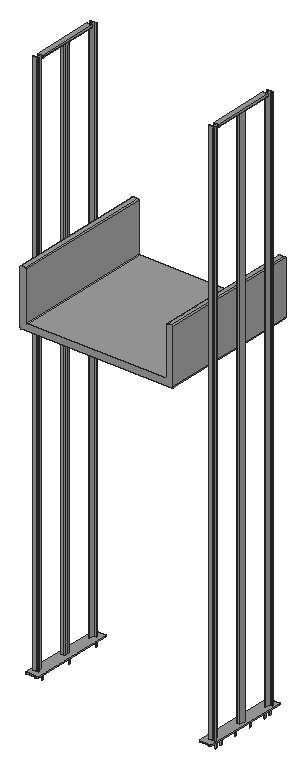
Revit family "1SE_Trez_TC_2C_3000_With_Pit", category Specialty Equipment, Revit 2019
Family settings
  Round Connector Dimension = Use Diameter
  Part Type = Normal
  Work Plane-Based = No
  Always vertical = Yes
  Cut with Voids When Loaded = Yes
  Shared = No
  Room Calculation Point = No
Parameters (values of type "Platform-2000x2000mm with Door Height 2500mm")
  Shaft = TREZ_Shaft_Space
  Safe Working Load = 3000.00 kg  # constant formula
  Safe Space = if(Cabin or Platform = Cabin, 900.0 mm, if(and(Cabin or Platform = Platform, Door Clear Height > 1900.0 mm), 600.0 mm, 0.0 mm))  # 600.0 mm
  Platform = Speciality_Equipment_Trez_Platform : Platform
  Door Clear Width = Clear Width  # 2000.0 mm
  Door Clear Height = 2500.0 mm
  Clear Width = 2000.0 mm
  URL = "https://trez.bg/en/products/goods-only-lift-tc/tc-2c-lift-2-cylinders/"
  Shaft Width = Real Width + 2 * Clearance  # 2740.0 mm
  Shaft Depth = Real Depth + 100.0 mm  # 2100.0 mm
  Tower Cladding Material = TREZ_Steel_Cladding
  Real Width = if(Clear Width < 1300.0 mm, 1300.0 mm, if(Clear Width > 2000.0 mm, 2000.0 mm, Clear Width))  # 2000.0 mm
  Real Depth = if(Clear Depth < 1300.0 mm, 1300.0 mm, if(Clear Depth > 2000.0 mm, 2000.0 mm, Clear Depth))  # 2000.0 mm
  Profiles Material = TREZ_Steel
  Platform Material = TREZ_Steel
  Pit Height = 250.0 mm  # constant formula
  Travel = 4500.0 mm
  Rail Height = Travel + Pit Height + Headroom  # 7850.0 mm
  Model = "TC 2C 3000"
  Manufacturer = "TREZ Ltd."
  Headroom = Door Clear Height + Safe Space  # 3100.0 mm
  Description = "Hydraulic goods only lift with two cylinders."  # constant formula
  Clear Depth = 2000.0 mm
  Created By URL = "https://all1studio.com/"
  Created By = "All 1 Studio Ltd."
  Clearance = 370.0 mm  # constant formula
  Cabin or Platform Back = no
  Cabin or Platform = Speciality_Equipment_Trez_Platform : Platform
  Cabin = Speciality_Equipment_Trez_Cabin : Cabin
Reference planes
  plane 1 "Center (Front/Back)": y = 0
  plane 2: z = 0
  plane 3 "Center (Left/Right)": x = 0
  plane 4: x = -1000
  plane 5: x = 1000
  plane 6: y = 1000
  plane 7: y = -1000
  plane 8: x = 1370
  plane 9: x = -1370
  plane 10: y = 1050
  plane 11: y = -1050
  plane 12: z = 4500
  plane 13 "Top of Lift": z = 7600
  plane 14 "Pit": z = -250
  plane 15: x = -1238.5
  plane 16: x = 1238.5
  plane 17: z = 7540
  plane 18: z = 40
  plane 19: z = -145
Forms (mm)
  Extrusion 1, void
    sketch origin (0, 0, 0) x (1, 0, 0) y (0, 1, 0)
      loop
        line (-1370, 1050) -> (-1370, -1050) -> (1370, -1050) -> (1370, 1050) -> (-1370, 1050)
    from 0 to -250
Lines and regions (mm)
  symbolic lines, style "Platform"
    curve 1: line (-1000, 1000, 0) -> (1000, 1000, 0)
    curve 2: line (-1000, -1000, 0) -> (-1000, 1000, 0)
    curve 3: line (1000, -1000, 0) -> (-1000, -1000, 0)
    curve 4: line (1000, 1000, 0) -> (1000, -1000, 0)
    curve 5: line (-1000, 1000, 0) -> (1000, -1000, 0)
    curve 6: line (1000, 1000, 0) -> (-1000, -1000, 0)
  symbolic lines, style "Shaft Volume"
    curve 7: line (-1370, 1050, 0) -> (1370, 1050, 0)
    curve 8: line (-1370, -1050, 0) -> (-1370, 1050, 0)
    curve 9: line (1370, -1050, 0) -> (-1370, -1050, 0)
    curve 10: line (1370, 1050, 0) -> (1370, -1050, 0)
    curve 11: line (-1370, 0, 7600) -> (1370, 0, 7600)
    curve 12: line (-1370, 0, 0) -> (-1370, 0, 7600)
    curve 13: line (1370, 0, 0) -> (-1370, 0, 0)
    curve 14: line (1370, 0, 7600) -> (1370, 0, 0)
    curve 15: line (0, 1050, 7600) -> (0, -1050, 7600)
    curve 16: line (0, 1050, 0) -> (0, 1050, 7600)
    curve 17: line (0, -1050, 0) -> (0, 1050, 0)
    curve 18: line (0, -1050, 7600) -> (0, -1050, 0)
Dimensions and locks
  equal spacing: plane 4, plane 3 "Center (Left/Right)", plane 5
  "Real Width": plane 4 to plane 5
  equal spacing: plane 7, plane 1 "Center (Front/Back)", plane 6
  "Real Depth": plane 7 to plane 6
  "Travel": plane 12 to level
  "Pit Height": level to plane 14 "Pit"
  "Headroom": plane 13 "Top of Lift" to plane 12
  locked: plane 13 "Top of Lift" to plane 17 at 60
  locked: plane 18 to level at 40
  locked: level to plane 19 at 145
  locked: plane 7 to plane 11 at 50
  locked: plane 6 to plane 10 at 50
  "Clearance": plane 9 to plane 4
  "Clearance": plane 5 to plane 8
  locked: plane 9 to plane 15 at 131.5
  locked: plane 16 to plane 8 at 131.5
  aligned and locked: level to plane 2
  aligned and locked: Extrusion 1 to plane 14 "Pit"
  aligned and locked: plane 1 "Center (Front/Back)" to nested 1
  aligned and locked: plane 3 "Center (Left/Right)" to nested 1
  aligned and locked: plane 15 to nested 2
  aligned and locked: nested 3 to plane 16
  aligned and locked: nested 2 to plane 14 "Pit"
  aligned and locked: plane 14 "Pit" to nested 3
  aligned and locked: plane 1 "Center (Front/Back)" to nested 2
  aligned and locked: nested 3 to plane 1 "Center (Front/Back)"
  aligned and locked: plane 12 to nested 1
  aligned and locked: plane 10 to curve 7
  aligned and locked: plane 9 to curve 8
  aligned and locked: plane 11 to curve 9
  aligned and locked: plane 8 to curve 10
  aligned and locked: curve 11 to plane 13 "Top of Lift"
  aligned and locked: plane 9 to curve 12
  aligned and locked: level to curve 13
  aligned and locked: plane 8 to curve 14
  aligned and locked: plane 13 "Top of Lift" to curve 15
  aligned and locked: curve 16 to plane 10
  aligned and locked: curve 17 to level
  aligned and locked: curve 18 to plane 11
  aligned and locked: plane 9 to Extrusion 1 sketch curve
  aligned and locked: plane 8 to Extrusion 1 sketch curve
  aligned and locked: plane 10 to Extrusion 1 sketch curve
  aligned and locked: plane 11 to Extrusion 1 sketch curve
Automatic sketch dimensions
  curve 3 to plane 4 = 0.0 mm
  curve 4 to plane 5 = 0.0 mm
  curve 3 to plane 7 = 0.0 mm
  plane 6 to curve 2 = 0.0 mm
Nested families
  nested 1: "Speciality_Equipment_Trez_Platform" at (0, 0, 4500), type <- "Cabin or Platform", type "Platform"
    with Width 2000.0 mm, Depth 2000.0 mm, Back Board no
  nested 2: "Generic_Model_Trez_Rails" at (-1238.5, 0, -250), type "Rails"
    with Height 7850.0 mm
  nested 3: "Generic_Model_Trez_Rails" at (1238.5, 0, -250) x (-1, 0, 0) z (0, 0, 1), type "Rails"
    with Height 7850.0 mm
Definition of nested family "Speciality_Equipment_Trez_Platform"
  Parameters (values of type "Speciality_Equipment_Trez_Platform")
    Width = 3600.0 mm
    Platform Material = none
    Depth = 2900.0 mm
    Back Board = yes
  Reference planes
    plane 1 "Center (Front/Back)": y = 0
    plane 2 "Bottom": z = 0
    plane 3 "Center (Left/Right)": x = 0
    plane 4: x = 1800
    plane 5: x = -1800
    plane 6: y = 1450
    plane 7: y = -1450
    plane 8: x = -1889
    plane 9: x = 1889
    plane 10: y = 1485
    plane 11: z = -89
    plane 12: z = 709
  Forms (mm)
    Extrusion 1, solid, material <- "Platform Material", visible <- "Back Board"
      sketch origin (0, 0, 0) x (1, 0, 0) y (0, 1, 0)
        loop
          line (-1889, 1485) -> (-1889, 1450) -> (1889, 1450) -> (1889, 1485) -> (-1889, 1485)
      from 0 to 709
    Extrusion 2, solid, material <- "Platform Material", detail levels coarse+medium
      sketch origin (0, 0, 0) x (1, 0, 0) y (0, 0, 1)
        loop
          line (-1800, 709) -> (-1889, 709) -> (-1889, -89) -> (1889, -89) -> (1889, 709) -> (1800, 709) -> (1800, 0) -> (-1800, 0) -> (-1800, 709)
      from -1450 to 1450
    Extrusion 3, solid, material <- "Platform Material", detail levels fine
      sketch origin (0, 0, 0) x (1, 0, 0) y (0, 0, 1)
        loop
          arc (-1874, 709) -> (-1884.607, 704.607) -> (-1889, 694) r 15
          line (-1889, 694) -> (-1889, -74)
          arc (-1889, -74) -> (-1884.607, -84.607) -> (-1874, -89) r 15
          line (-1874, -89) -> (1874, -89)
          arc (1874, -89) -> (1884.607, -84.607) -> (1889, -74) r 15
          line (1889, -74) -> (1889, 694)
          arc (1889, 694) -> (1884.607, 704.607) -> (1874, 709) r 15
          line (1874, 709) -> (1815, 709)
          arc (1815, 709) -> (1804.393, 704.607) -> (1800, 694) r 15
          line (1800, 694) -> (1800, 15)
          arc (1800, 15) -> (1795.607, 4.393) -> (1785, 0) r 15
          line (1785, 0) -> (-1785, 0)
          arc (-1785, 0) -> (-1795.607, 4.393) -> (-1800, 15) r 15
          line (-1800, 15) -> (-1800, 694)
          arc (-1800, 694) -> (-1804.393, 704.607) -> (-1815, 709) r 15
          line (-1815, 709) -> (-1874, 709)
      from -1450 to 1450
  Dimensions and locks
    equal spacing: plane 5, plane 3 "Center (Left/Right)", plane 4
    "Width": plane 5 to plane 4
    equal spacing: plane 7, plane 1 "Center (Front/Back)", plane 6
    "Depth": plane 6 to plane 7
    locked: plane 8 to plane 5 at 89
    locked: plane 4 to plane 9 at 89
    locked: plane 10 to plane 6 at 35
    locked: plane 2 "Bottom" to plane 11 at 89
    locked: plane 12 to plane 2 "Bottom" at 709
    aligned and locked: level to plane 2 "Bottom"
    aligned and locked: Extrusion 1 sketch curve to plane 10
    aligned and locked: plane 8 to Extrusion 1 sketch curve
    aligned and locked: plane 5 to Extrusion 2 sketch curve
    aligned and locked: plane 8 to Extrusion 2 sketch curve
    aligned and locked: Extrusion 2 sketch curve to plane 9
    aligned and locked: Extrusion 2 sketch curve to plane 4
    aligned and locked: Extrusion 2 sketch curve to plane 2 "Bottom"
    aligned and locked: Extrusion 2 sketch curve to plane 11
    aligned and locked: Extrusion 2 sketch curve to plane 12
    aligned and locked: Extrusion 2 to plane 6
    aligned and locked: Extrusion 2 to plane 7
    aligned and locked: Extrusion 3 sketch curve to plane 12
    aligned and locked: plane 8 to Extrusion 3 sketch curve
    aligned and locked: plane 5 to Extrusion 3 sketch curve
    aligned and locked: Extrusion 3 sketch curve to plane 4
    aligned and locked: Extrusion 3 sketch curve to plane 9
    aligned and locked: Extrusion 3 sketch curve to plane 2 "Bottom"
    aligned and locked: Extrusion 3 sketch curve to plane 11
    aligned and locked: Extrusion 3 to plane 7
    aligned and locked: Extrusion 3 to plane 6
  Automatic sketch dimensions
    plane 12 to Extrusion 2 sketch curve = 0.0 mm
    Extrusion 1 sketch curve to plane 6 = 0.0 mm
    Extrusion 1 sketch curve to plane 9 = 0.0 mm
    Extrusion 3 sketch curve to plane 12 = 0.0 mm
    Extrusion 3 sketch curve to Extrusion 3 sketch curve = 15.0 mm  (x4)
    plane 5 to Extrusion 3 sketch curve = 15.0 mm
    Extrusion 3 sketch curve to plane 4 = 15.0 mm
    plane 4 to Extrusion 3 sketch curve = 15.0 mm
    Extrusion 3 sketch curve to plane 9 = 15.0 mm
Definition of nested family "Generic_Model_Trez_Rails"
  Parameters (values of type "SE_Trez_Rails")
    Profiles Material = none
    Height = 8720.0 mm
  Reference planes
    plane 1 "Center (Front/Back)": y = 0
    plane 2: z = 0
    plane 3 "Center (Left/Right)": x = 0
    plane 4: x = 87.2
    plane 5: x = -87.2
    plane 6: y = 607.5
    plane 7: y = -607.5
    plane 8: z = 8720
    plane 9: z = 15
    plane 10: z = 8685
    plane 11: z = -95
  Forms (mm)
    Extrusion 1, solid, material <- "Profiles Material", detail levels fine
      sketch origin (0, 0, 0) x (1, 0, 0) y (0, 1, 0)
        loop
          line (77.2, 607.5) -> (-77.2, 607.5)
          arc (-77.2, 607.5) -> (-84.271, 604.571) -> (-87.2, 597.5) r 10
          line (-87.2, 597.5) -> (-87.2, -597.5)
          arc (-87.2, -597.5) -> (-84.271, -604.571) -> (-77.2, -607.5) r 10
          line (-77.2, -607.5) -> (77.2, -607.5)
          arc (77.2, -607.5) -> (84.271, -604.571) -> (87.2, -597.5) r 10
          line (87.2, -597.5) -> (87.2, 597.5)
          arc (87.2, 597.5) -> (84.271, 604.571) -> (77.2, 607.5) r 10
      from 0 to 15
    Extrusion 2, solid, material <- "Profiles Material", detail levels fine
      sketch origin (0, 0, 0) x (1, 0, 0) y (0, 1, 0)
        loop
          line (-61.5, -517.5) -> (28.5, -517.5) -> (28.5, -509.5) -> (-3.5, -509.5)
          arc (-3.5, -509.5) -> (-7.036, -508.036) -> (-8.5, -504.5) r 5
          line (-8.5, -504.5) -> (-8.5, -442.5) -> (-24.5, -442.5) -> (-24.5, -504.5)
          arc (-24.5, -504.5) -> (-25.964, -508.036) -> (-29.5, -509.5) r 5
          line (-29.5, -509.5) -> (-61.5, -509.5) -> (-61.5, -517.5)
        loop
          line (-37.94, -40) -> (-1.94, -40)
          arc (-1.94, -40) -> (8.667, -35.607) -> (13.06, -25) r 15
          line (13.06, -25) -> (13.06, 25)
          arc (13.06, 25) -> (8.667, 35.607) -> (-1.94, 40) r 15
          line (-1.94, 40) -> (-37.94, 40) -> (-37.94, -40)
        loop
          line (-61.5, 517.5) -> (-61.5, 509.5) -> (-29.5, 509.5)
          arc (-29.5, 509.5) -> (-25.964, 508.036) -> (-24.5, 504.5) r 5
          line (-24.5, 504.5) -> (-24.5, 442.5) -> (-8.5, 442.5) -> (-8.5, 504.5)
          arc (-8.5, 504.5) -> (-7.036, 508.036) -> (-3.5, 509.5) r 5
          line (-3.5, 509.5) -> (28.5, 509.5) -> (28.5, 517.5) -> (-61.5, 517.5)
      from 15 to 8720
    Extrusion 3, solid, material <- "Profiles Material", detail levels fine
      sketch origin (0, 0, 0) x (1, 0, 0) y (0, 0, 1)
        loop
          line (-51.5, 8720) -> (-51.5, 8690)
          arc (-51.5, 8690) -> (-50.036, 8686.464) -> (-46.5, 8685) r 5
          line (-46.5, 8685) -> (13.5, 8685)
          arc (13.5, 8685) -> (17.036, 8686.464) -> (18.5, 8690) r 5
          line (18.5, 8690) -> (18.5, 8720) -> (-51.5, 8720)
      from -442.5 to 442.5
    Extrusion 4, solid, material <- "Profiles Material", detail levels coarse+medium
      sketch origin (0, 0, 0) x (1, 0, 0) y (0, 1, 0)
        loop
          line (87.2, 607.5) -> (-87.2, 607.5) -> (-87.2, -607.5) -> (87.2, -607.5) -> (87.2, 607.5)
      from 0 to 15
    Extrusion 5, solid, material <- "Profiles Material", detail levels coarse+medium
      sketch origin (0, 0, 0) x (1, 0, 0) y (0, 1, 0)
        loop
          line (-61.5, -517.5) -> (28.5, -517.5) -> (28.5, -442.5) -> (-61.5, -442.5) -> (-61.5, -517.5)
        loop
          line (-37.94, -40) -> (13.06, -40) -> (13.06, 40) -> (-37.94, 40) -> (-37.94, -40)
        loop
          line (-61.5, 517.5) -> (-61.5, 442.5) -> (28.5, 442.5) -> (28.5, 517.5) -> (-61.5, 517.5)
      from 15 to 8720
    Extrusion 6, solid, material <- "Profiles Material", detail levels coarse+medium
      sketch origin (0, 0, 0) x (1, 0, 0) y (0, 0, 1)
        loop
          line (-51.5, 8720) -> (-51.5, 8690)
          arc (-51.5, 8690) -> (-50.036, 8686.464) -> (-46.5, 8685) r 5
          line (-46.5, 8685) -> (13.5, 8685)
          arc (13.5, 8685) -> (17.036, 8686.464) -> (18.5, 8690) r 5
          line (18.5, 8690) -> (18.5, 8720) -> (-51.5, 8720)
      from -442.5 to 442.5
    Extrusion 7, solid, material <- "Profiles Material", detail levels fine
      sketch origin (0, 0, 0) x (1, 0, 0) y (0, 1, 0)
        loop
          circle (46.2, 480) r 7.5
        loop
          circle (-43.8, 480) r 7.5
        loop
          circle (-43.8, 390) r 7.5
        loop
          circle (46.2, -480) r 7.5
        loop
          circle (-43.8, -480) r 7.5
        loop
          circle (-43.8, -390) r 7.5
        loop
          circle (-43.8, -130) r 7.5
        loop
          circle (-43.8, 130) r 7.5
        loop
          circle (46.2, 0.052) r 7.5
      from -95 to 0
  Cuts and joins
    joined: Extrusion 2, Extrusion 3
    joined: Extrusion 5, Extrusion 6
  Lines and regions (mm)
    symbolic lines
      curve 1: line (28.5, 442.5, 0) -> (-61.5, 442.5, 0)
      curve 2: line (28.5, 517.5, 0) -> (28.5, 442.5, 0)
      curve 3: line (-61.5, 517.5, 0) -> (28.5, 517.5, 0)
      curve 4: line (-61.5, 442.5, 0) -> (-61.5, 517.5, 0)
      curve 5: line (13.06, 40, 0) -> (-37.94, 40, 0)
      curve 6: line (13.06, -40, 0) -> (13.06, 40, 0)
      curve 7: line (-37.94, -40, 0) -> (13.06, -40, 0)
      curve 8: line (-37.94, 40, 0) -> (-37.94, -40, 0)
      curve 9: line (28.5, -442.5, 0) -> (-61.5, -442.5, 0)
      curve 10: line (28.5, -517.5, 0) -> (28.5, -442.5, 0)
      curve 11: line (-61.5, -517.5, 0) -> (28.5, -517.5, 0)
      curve 12: line (-61.5, -442.5, 0) -> (-61.5, -517.5, 0)
      curve 13: line (87.2, -607.5, 0) -> (-87.2, -607.5, 0)
      curve 14: line (87.2, 607.5, 0) -> (87.2, -607.5, 0)
      curve 15: line (-87.2, 607.5, 0) -> (87.2, 607.5, 0)
      curve 16: line (-87.2, -607.5, 0) -> (-87.2, 607.5, 0)
  Dimensions and locks
    equal spacing: plane 5, plane 3 "Center (Left/Right)", plane 4
    plane 5 to plane 4 = 174.4 mm
    equal spacing: plane 6, plane 1 "Center (Front/Back)", plane 7
    plane 7 to plane 6 = 1215.0 mm
    "Height": plane 8 to plane 2
    locked: plane 9 to plane 2 at 15
    locked: plane 8 to Extrusion 3 sketch curve at 35
    locked: plane 8 to plane 10 at 35
    locked: plane 2 to plane 11 at 95
    aligned and locked: level to plane 2
    aligned and locked: Extrusion 1 sketch curve to plane 6
    aligned and locked: plane 4 to Extrusion 1 sketch curve
    aligned and locked: Extrusion 1 sketch curve to plane 7
    aligned and locked: plane 5 to Extrusion 1 sketch curve
    aligned and locked: plane 8 to Extrusion 2
    aligned and locked: Extrusion 1 to plane 9
    aligned and locked: plane 9 to Extrusion 2
    aligned and locked: Extrusion 4 sketch curve to plane 6
    aligned and locked: plane 4 to Extrusion 4 sketch curve
    aligned and locked: Extrusion 4 sketch curve to plane 7
    aligned and locked: plane 5 to Extrusion 4 sketch curve
    aligned and locked: Extrusion 4 to plane 9
    aligned and locked: Extrusion 4 to plane 2
    aligned and locked: plane 8 to Extrusion 5
    aligned and locked: plane 8 to Extrusion 3 sketch curve
    aligned and locked: Extrusion 3 to Extrusion 5  (x2)
    aligned and locked: Extrusion 7 to plane 11
    aligned and locked: plane 2 to Extrusion 7
  Automatic sketch dimensions
    Extrusion 2 sketch curve to plane 5 = 25.7 mm  (x2)
    Extrusion 2 sketch curve to plane 3 "Center (Left/Right)" = 29.5 mm  (x2)
    Extrusion 2 sketch curve to Extrusion 2 sketch curve = 5.0 mm
    Extrusion 2 sketch curve to plane 3 "Center (Left/Right)" = 24.5 mm
    Extrusion 2 sketch curve to plane 3 "Center (Left/Right)" = 8.5 mm  (x2)
    Extrusion 2 sketch curve to plane 3 "Center (Left/Right)" = 3.5 mm  (x2)
    Extrusion 2 sketch curve to plane 3 "Center (Left/Right)" = 1.94 mm  (x2)
    Extrusion 2 sketch curve to Extrusion 2 sketch curve = 15.0 mm
    plane 3 "Center (Left/Right)" to Extrusion 2 sketch curve = 28.5 mm  (x2)
    plane 7 to Extrusion 2 sketch curve = 90.0 mm
    Extrusion 2 sketch curve to Extrusion 2 sketch curve = 8.0 mm  (x3)
    Extrusion 2 sketch curve to Extrusion 2 sketch curve = 62.0 mm  (x2)
    Extrusion 2 sketch curve to plane 1 "Center (Front/Back)" = 25.0 mm
    plane 6 to Extrusion 2 sketch curve = 165.0 mm
    Extrusion 2 sketch curve to Extrusion 2 sketch curve = 0.0 mm
    Extrusion 2 sketch curve to plane 3 "Center (Left/Right)" = 37.94 mm
    plane 1 "Center (Front/Back)" to Extrusion 2 sketch curve = 40.0 mm
    Extrusion 3 sketch curve to Extrusion 3 sketch curve = 5.0 mm  (x2)
    plane 3 "Center (Left/Right)" to Extrusion 3 sketch curve = 13.5 mm
    Extrusion 3 sketch curve to plane 5 = 40.7 mm
    Extrusion 1 sketch curve to plane 5 = 10.0 mm
    Extrusion 1 sketch curve to Extrusion 1 sketch curve = 10.0 mm
    Extrusion 1 sketch curve to plane 4 = 10.0 mm  (x2)
    Extrusion 5 sketch curve to plane 5 = 25.7 mm  (x2)
    Extrusion 5 sketch curve to plane 3 "Center (Left/Right)" = 37.94 mm
    plane 3 "Center (Left/Right)" to Extrusion 5 sketch curve = 28.5 mm  (x2)
    plane 3 "Center (Left/Right)" to Extrusion 5 sketch curve = 13.06 mm
    plane 7 to Extrusion 5 sketch curve = 90.0 mm
    plane 1 "Center (Front/Back)" to Extrusion 5 sketch curve = 40.0 mm
    plane 6 to Extrusion 5 sketch curve = 165.0 mm
    Extrusion 5 sketch curve to Extrusion 5 sketch curve = 75.0 mm  (x2)
    Extrusion 5 sketch curve to plane 1 "Center (Front/Back)" = 40.0 mm
    Extrusion 6 sketch curve to plane 8 = 0.0 mm
    Extrusion 6 sketch curve to plane 10 = 0.0 mm
    plane 10 to Extrusion 6 sketch curve = 5.0 mm  (x2)
    Extrusion 6 sketch curve to plane 5 = 35.7 mm
    plane 3 "Center (Left/Right)" to Extrusion 6 sketch curve = 13.5 mm
    curve 16 to plane 5 = 0.0 mm
    curve 15 to plane 4 = 0.0 mm
    curve 13 to plane 7 = 0.0 mm
    plane 6 to curve 15 = 0.0 mm
    curve 3 to plane 5 = 25.7 mm
    curve 12 to plane 5 = 25.7 mm
    curve 5 to plane 3 "Center (Left/Right)" = 37.94 mm
    plane 3 "Center (Left/Right)" to curve 5 = 13.06 mm
    plane 3 "Center (Left/Right)" to curve 11 = 28.5 mm
    plane 3 "Center (Left/Right)" to curve 2 = 28.5 mm
    plane 7 to curve 11 = 90.0 mm
    curve 10 to curve 10 = 75.0 mm
    plane 1 "Center (Front/Back)" to curve 7 = 40.0 mm
    curve 5 to plane 1 "Center (Front/Back)" = 40.0 mm
    plane 6 to curve 2 = 165.0 mm
    curve 1 to curve 3 = 75.0 mm
    Extrusion 7 sketch curve to plane 5 = 43.4 mm  (x6)
    Extrusion 7 sketch curve to plane 4 = 41.0 mm  (x3)
    plane 7 to Extrusion 7 sketch curve = 127.5 mm
    Extrusion 7 sketch curve to Extrusion 7 sketch curve = 0.0 mm  (x2)
    Extrusion 7 sketch curve to Extrusion 7 sketch curve = 90.0 mm  (x2)
    plane 6 to Extrusion 7 sketch curve = 217.5 mm
    Extrusion 7 sketch curve to plane 1 "Center (Front/Back)" = 0.052 mm
    plane 1 "Center (Front/Back)" to Extrusion 7 sketch curve = 130.0 mm
    Extrusion 7 sketch curve to plane 1 "Center (Front/Back)" = 130.0 mm
    radius of Extrusion 7 sketch curve = 7.5 mm  (x9)
